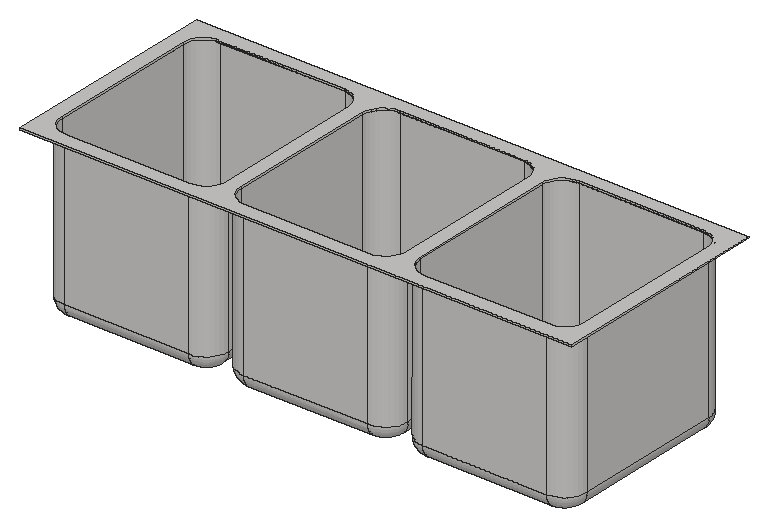
Revit family "QF_Vollrath_12123-1", category Specialty Equipment, Revit 2016
Family settings
  Part Type = Normal
  Round Connector Dimension = Use Diameter
  OmniClass Number = 23.40.40.14.31
  OmniClass Title = Cleaning and Disposal Equipment
  Work Plane-Based = Yes
  Always vertical = Yes
  Cut with Voids When Loaded = No
  Shared = No
  Room Calculation Point = No
Parameters
  Width = 3' - 4"
  Weight in Pounds = 0
  Watermarked By = "http://revitwatermark.com"
  URL Cutsheet = ""
  Status [instance] = ""
  Specification by User [instance] = ""
  Specification by Manufacturer [instance] = ""
  Sink Width = 3' - 2"
  Sink Depth = 1' - 2"
  Sink Basin Depth = 1' - 0"
  Serial Number [instance] = ""
  Seismic Rating [instance] = ""
  SMACNA No [instance] = ""
  Revision Code [instance] = ""
  NAFEM Spec ID Number [instance] = ""
  Model = "12123-1"
  Masterspec [instance] = ""
  Manufacturer = "Vollrath"
  Item Number [instance] = "-"
  Installed By [instance] = ""
  Indirect Waste Size = 2"
  Indirect Waste Flow [instance] = 0.00 GPM
  Indirect Waste Connection Type [instance] = ""
  Indirect Waste Connection Height [instance] = 0' - 0"
  Furnished By [instance] = ""
  Foodservice Equipment Identifier [instance] = yes
  Description = "Undermount Sink"  # constant formula
  Depth = 1' - 4"
  Default Elevation = 4' - 0"
  CSI MasterFormat = ""
  Assembly Code = ""
Reference planes (in)
  plane 1 "BACK": y = 0
  plane 2 "BOTTOM": z = 0
  plane 3 "LEFT": x = 0
  plane 4 "RIGHT": x = 40
  plane 5 "FRONT": y = -16
  plane 6: x = 20
  plane 7: y = -8
  plane 8: y = -1
  plane 9: y = -15
  plane 10: x = 1
  plane 11: x = 39
  plane 12 "Sink Bottom": z = -12
  plane 13: x = 7
  plane 14: x = 33
  plane 15: x = 13
  plane 16: x = 14
  plane 17: x = 27
  plane 18: x = 26
  plane 19: y = -5.6875
Forms (in)
  Extrusion 1, solid, material "QF_Finishes_Stainless Steel"
    sketch origin (0, 0, 0) x (1, 0, 0) y (0, 1, 0)
      loop
        arc (1, -13.5) -> (1.43934, -14.56066) -> (2.5, -15) r 1.5
        line (2.5, -15) -> (11.5, -15)
        arc (11.5, -15) -> (12.56066, -14.56066) -> (13, -13.5) r 1.5
        line (13, -13.5) -> (13, -2.5)
        arc (13, -2.5) -> (12.56066, -1.43934) -> (11.5, -1) r 1.5
        line (11.5, -1) -> (2.5, -1)
        arc (2.5, -1) -> (1.43934, -1.43934) -> (1, -2.5) r 1.5
        line (1, -2.5) -> (1, -13.5)
      loop
        arc (39, -2.5) -> (38.56066, -1.43934) -> (37.5, -1) r 1.5
        line (37.5, -1) -> (28.5, -1)
        arc (28.5, -1) -> (27.43934, -1.43934) -> (27, -2.5) r 1.5
        line (27, -2.5) -> (27, -13.5)
        arc (27, -13.5) -> (27.43934, -14.56066) -> (28.5, -15) r 1.5
        line (28.5, -15) -> (37.5, -15)
        arc (37.5, -15) -> (38.56066, -14.56066) -> (39, -13.5) r 1.5
        line (39, -13.5) -> (39, -2.5)
      loop
        line (0, -16) -> (40, -16) -> (40, 0) -> (0, 0) -> (0, -16)
      loop
        arc (26, -2.5) -> (25.56066, -1.43934) -> (24.5, -1) r 1.5
        line (24.5, -1) -> (15.5, -1)
        arc (15.5, -1) -> (14.43934, -1.43934) -> (14, -2.5) r 1.5
        line (14, -2.5) -> (14, -13.5)
        arc (14, -13.5) -> (14.43934, -14.56066) -> (15.5, -15) r 1.5
        line (15.5, -15) -> (24.5, -15)
        arc (24.5, -15) -> (25.56066, -14.56066) -> (26, -13.5) r 1.5
        line (26, -13.5) -> (26, -2.5)
    from 0 to 0.125
  Sweep 2, solid, material "QF_Finishes_Stainless Steel"
    path in 3D
      loop
        arc (11.5, -1, 0.125) -> (12.56066, -1.43934, 0.125) -> (13, -2.5, 0.125) r 1.5
        line (13, -2.5, 0.125) -> (13, -13.5, 0.125)
        arc (13, -13.5, 0.125) -> (12.56066, -14.56066, 0.125) -> (11.5, -15, 0.125) r 1.5
        line (11.5, -15, 0.125) -> (2.5, -15, 0.125)
        arc (2.5, -15, 0.125) -> (1.43934, -14.56066, 0.125) -> (1, -13.5, 0.125) r 1.5
        line (1, -13.5, 0.125) -> (1, -2.5, 0.125)
        arc (1, -2.5, 0.125) -> (1.43934, -1.43934, 0.125) -> (2.5, -1, 0.125) r 1.5
        line (2.5, -1, 0.125) -> (11.5, -1, 0.125)
    profile origin (7, -1, 0.125) x (0, 1, 0) y (0, 0, 1)
      loop
        line (0.125, -0.125) -> (0, -0.125) -> (0, -11)
        arc (0, -11) -> (-0.29289, -11.70711) -> (-1, -12) r 1
        line (-1, -12) -> (-1, -12.125)
        arc (-1, -12.125) -> (-0.2045, -11.7955) -> (0.125, -11) r 1.125
        line (0.125, -11) -> (0.125, -0.125)
  Sweep 3, solid, material "QF_Finishes_Stainless Steel"
    path in 3D
      loop
        arc (24.5, -1, 0.125) -> (25.56066, -1.43934, 0.125) -> (26, -2.5, 0.125) r 1.5
        line (26, -2.5, 0.125) -> (26, -13.5, 0.125)
        arc (26, -13.5, 0.125) -> (25.56066, -14.56066, 0.125) -> (24.5, -15, 0.125) r 1.5
        line (24.5, -15, 0.125) -> (15.5, -15, 0.125)
        arc (15.5, -15, 0.125) -> (14.43934, -14.56066, 0.125) -> (14, -13.5, 0.125) r 1.5
        line (14, -13.5, 0.125) -> (14, -2.5, 0.125)
        arc (14, -2.5, 0.125) -> (14.43934, -1.43934, 0.125) -> (15.5, -1, 0.125) r 1.5
        line (15.5, -1, 0.125) -> (24.5, -1, 0.125)
    profile origin (20, -1, 0.125) x (0, 1, 0) y (0, 0, 1)
      loop
        line (0.125, -0.125) -> (0, -0.125) -> (0, -11)
        arc (0, -11) -> (-0.29289, -11.70711) -> (-1, -12) r 1
        line (-1, -12) -> (-1, -12.125)
        arc (-1, -12.125) -> (-0.2045, -11.7955) -> (0.125, -11) r 1.125
        line (0.125, -11) -> (0.125, -0.125)
  Sweep 4, solid, material "QF_Finishes_Stainless Steel"
    path in 3D
      loop
        arc (37.5, -1, 0.125) -> (38.56066, -1.43934, 0.125) -> (39, -2.5, 0.125) r 1.5
        line (39, -2.5, 0.125) -> (39, -13.5, 0.125)
        arc (39, -13.5, 0.125) -> (38.56066, -14.56066, 0.125) -> (37.5, -15, 0.125) r 1.5
        line (37.5, -15, 0.125) -> (28.5, -15, 0.125)
        arc (28.5, -15, 0.125) -> (27.43934, -14.56066, 0.125) -> (27, -13.5, 0.125) r 1.5
        line (27, -13.5, 0.125) -> (27, -2.5, 0.125)
        arc (27, -2.5, 0.125) -> (27.43934, -1.43934, 0.125) -> (28.5, -1, 0.125) r 1.5
        line (28.5, -1, 0.125) -> (37.5, -1, 0.125)
    profile origin (33, -1, 0.125) x (0, 1, 0) y (0, 0, 1)
      loop
        line (0.125, -0.125) -> (0, -0.125) -> (0, -11)
        arc (0, -11) -> (-0.29289, -11.70711) -> (-1, -12) r 1
        line (-1, -12) -> (-1, -12.125)
        arc (-1, -12.125) -> (-0.2045, -11.7955) -> (0.125, -11) r 1.125
        line (0.125, -11) -> (0.125, -0.125)
  Extrusion 5, solid, material "QF_Finishes_Stainless Steel"
    sketch origin (0, 0, -12) x (-1, 0, 0) y (0, -1, 0)
      loop
        line (-2.5, 14) -> (-11.5, 14)
        arc (-11.5, 14) -> (-11.85355, 13.85355) -> (-12, 13.5) r 0.5
        line (-12, 13.5) -> (-12, 2.5)
        arc (-12, 2.5) -> (-11.85355, 2.14645) -> (-11.5, 2) r 0.5
        line (-11.5, 2) -> (-2.5, 2)
        arc (-2.5, 2) -> (-2.14645, 2.14645) -> (-2, 2.5) r 0.5
        line (-2, 2.5) -> (-2, 13.5)
        arc (-2, 13.5) -> (-2.14645, 13.85355) -> (-2.5, 14) r 0.5
      loop
        line (-15, 2.5) -> (-15, 13.5)
        arc (-15, 13.5) -> (-15.14645, 13.85355) -> (-15.5, 14) r 0.5
        line (-15.5, 14) -> (-24.5, 14)
        arc (-24.5, 14) -> (-24.85355, 13.85355) -> (-25, 13.5) r 0.5
        line (-25, 13.5) -> (-25, 2.5)
        arc (-25, 2.5) -> (-24.85355, 2.14645) -> (-24.5, 2) r 0.5
        line (-24.5, 2) -> (-15.5, 2)
        arc (-15.5, 2) -> (-15.14645, 2.14645) -> (-15, 2.5) r 0.5
      loop
        line (-28, 2.5) -> (-28, 13.5)
        arc (-28, 13.5) -> (-28.14645, 13.85355) -> (-28.5, 14) r 0.5
        line (-28.5, 14) -> (-37.5, 14)
        arc (-37.5, 14) -> (-37.85355, 13.85355) -> (-38, 13.5) r 0.5
        line (-38, 13.5) -> (-38, 2.5)
        arc (-38, 2.5) -> (-37.85355, 2.14645) -> (-37.5, 2) r 0.5
        line (-37.5, 2) -> (-28.5, 2)
        arc (-28.5, 2) -> (-28.14645, 2.14645) -> (-28, 2.5) r 0.5
      loop
        circle (-33, 5.6875) r 1.75
      loop
        circle (-20, 5.6875) r 1.75
      loop
        circle (-7, 5.6875) r 1.75
    from 0 to 0.125
Lines and regions (in)
  sketch lines
    curve 1: line (2.5, -1, 0.125) -> (11.5, -1, 0.125)
    curve 2: arc (2.5, -1, 0.125) -> (1.43934, -1.43934, 0.125) -> (1, -2.5, 0.125) r 1.5
    curve 3: line (1, -13.5, 0.125) -> (1, -2.5, 0.125)
    curve 4: arc (1, -13.5, 0.125) -> (1.43934, -14.56066, 0.125) -> (2.5, -15, 0.125) r 1.5
    curve 5: line (11.5, -15, 0.125) -> (2.5, -15, 0.125)
    curve 6: arc (11.5, -15, 0.125) -> (12.56066, -14.56066, 0.125) -> (13, -13.5, 0.125) r 1.5
    curve 7: line (13, -2.5, 0.125) -> (13, -13.5, 0.125)
    curve 8: arc (13, -2.5, 0.125) -> (12.56066, -1.43934, 0.125) -> (11.5, -1, 0.125) r 1.5
    curve 9: line (15.5, -1, 0.125) -> (24.5, -1, 0.125)
    curve 10: arc (15.5, -1, 0.125) -> (14.43934, -1.43934, 0.125) -> (14, -2.5, 0.125) r 1.5
    curve 11: line (14, -13.5, 0.125) -> (14, -2.5, 0.125)
    curve 12: arc (14, -13.5, 0.125) -> (14.43934, -14.56066, 0.125) -> (15.5, -15, 0.125) r 1.5
    curve 13: line (24.5, -15, 0.125) -> (15.5, -15, 0.125)
    curve 14: arc (24.5, -15, 0.125) -> (25.56066, -14.56066, 0.125) -> (26, -13.5, 0.125) r 1.5
    curve 15: line (26, -2.5, 0.125) -> (26, -13.5, 0.125)
    curve 16: arc (26, -2.5, 0.125) -> (25.56066, -1.43934, 0.125) -> (24.5, -1, 0.125) r 1.5
    curve 17: line (28.5, -1, 0.125) -> (37.5, -1, 0.125)
    curve 18: arc (28.5, -1, 0.125) -> (27.43934, -1.43934, 0.125) -> (27, -2.5, 0.125) r 1.5
    curve 19: line (27, -13.5, 0.125) -> (27, -2.5, 0.125)
    curve 20: arc (27, -13.5, 0.125) -> (27.43934, -14.56066, 0.125) -> (28.5, -15, 0.125) r 1.5
    curve 21: line (37.5, -15, 0.125) -> (28.5, -15, 0.125)
    curve 22: arc (37.5, -15, 0.125) -> (38.56066, -14.56066, 0.125) -> (39, -13.5, 0.125) r 1.5
    curve 23: line (39, -2.5, 0.125) -> (39, -13.5, 0.125)
    curve 24: arc (39, -2.5, 0.125) -> (38.56066, -1.43934, 0.125) -> (37.5, -1, 0.125) r 1.5
  symbolic lines
    curve 25: line (0, 0, -12) -> (40, 0, -12)
    curve 26: line (0, -16, -12) -> (0, 0, -12)
    curve 27: line (40, -16, -12) -> (0, -16, -12)
    curve 28: line (40, 0, -12) -> (40, -16, -12)
  symbolic lines, style "QF_Surface Details"
    curve 29: circle (7, -5.6875, -12) r 1.75 normal (0, 0, -1)
    curve 30: circle (20, -5.6875, -12) r 1.75 normal (0, 0, -1)
    curve 31: circle (33, -5.6875, -12) r 1.75 normal (0, 0, -1)
    curve 32: line (11.5, -1, -12) -> (2.5, -1, -12)
    curve 33: arc (1, -2.5, -12) -> (1.43934, -1.43934, -12) -> (2.5, -1, -12) r 1.5
    curve 34: line (1, -2.5, -12) -> (1, -13.5, -12)
    curve 35: arc (2.5, -15, -12) -> (1.43934, -14.56066, -12) -> (1, -13.5, -12) r 1.5
    curve 36: line (2.5, -15, -12) -> (11.5, -15, -12)
    curve 37: arc (13, -13.5, -12) -> (12.56066, -14.56066, -12) -> (11.5, -15, -12) r 1.5
    curve 38: line (13, -13.5, -12) -> (13, -2.5, -12)
    curve 39: arc (11.5, -1, -12) -> (12.56066, -1.43934, -12) -> (13, -2.5, -12) r 1.5
    curve 40: arc (14, -2.5, -12) -> (14.43934, -1.43934, -12) -> (15.5, -1, -12) r 1.5
    curve 41: line (24.5, -1, -12) -> (15.5, -1, -12)
    curve 42: line (14, -2.5, -12) -> (14, -13.5, -12)
    curve 43: arc (15.5, -15, -12) -> (14.43934, -14.56066, -12) -> (14, -13.5, -12) r 1.5
    curve 44: line (15.5, -15, -12) -> (24.5, -15, -12)
    curve 45: arc (26, -13.5, -12) -> (25.56066, -14.56066, -12) -> (24.5, -15, -12) r 1.5
    curve 46: line (26, -13.5, -12) -> (26, -2.5, -12)
    curve 47: arc (24.5, -1, -12) -> (25.56066, -1.43934, -12) -> (26, -2.5, -12) r 1.5
    curve 48: arc (27, -2.5, -12) -> (27.43934, -1.43934, -12) -> (28.5, -1, -12) r 1.5
    curve 49: line (37.5, -1, -12) -> (28.5, -1, -12)
    curve 50: line (27, -2.5, -12) -> (27, -13.5, -12)
    curve 51: arc (39, -13.5, -12) -> (38.56066, -14.56066, -12) -> (37.5, -15, -12) r 1.5
    curve 52: line (28.5, -15, -12) -> (37.5, -15, -12)
    curve 53: line (39, -13.5, -12) -> (39, -2.5, -12)
    curve 54: arc (28.5, -15, -12) -> (27.43934, -14.56066, -12) -> (27, -13.5, -12) r 1.5
    curve 55: arc (37.5, -1, -12) -> (38.56066, -1.43934, -12) -> (39, -2.5, -12) r 1.5
Dimensions and locks (in)
  "Width": plane 3 "LEFT" to plane 4 "RIGHT"
  "Depth": plane 5 "FRONT" to plane 1 "BACK"
  "Sink Depth": plane 8 to plane 9
  equal spacing: plane 3 "LEFT", plane 6, plane 4 "RIGHT"
  equal spacing: plane 10, plane 6, plane 11
  "Sink Width": plane 10 to plane 11
  "Sink Basin Depth": level to plane 12 "Sink Bottom"
  equal spacing: plane 8, plane 7, plane 9
  plane 1 "BACK" to plane 8 = 0' - 1"
  plane 9 to plane 5 "FRONT" = 0' - 1"
  locked: plane 3 "LEFT" to plane 10 at 1
  plane 11 to plane 4 "RIGHT" = 0' - 1"
  equal spacing: plane 10, plane 13, plane 15
  equal spacing: plane 17, plane 14, plane 11
  equal spacing: plane 16, plane 6, plane 18
  plane 15 to plane 16 = 0' - 1"
  plane 18 to plane 17 = 0' - 1"
  plane 8 to plane 19 = 0' - 4 11/16"
  aligned and locked: level to plane 2 "BOTTOM"
  aligned and locked: Extrusion 1 sketch curve to plane 3 "LEFT"
  aligned and locked: plane 5 "FRONT" to Extrusion 1 sketch curve
  aligned and locked: plane 4 "RIGHT" to Extrusion 1 sketch curve
  aligned and locked: Extrusion 1 sketch curve to plane 1 "BACK"
  aligned and locked: Extrusion 5 sketch curve to Sweep 2  (x4)
  aligned and locked: Extrusion 5 sketch curve to Sweep 3  (x4)
  aligned and locked: Extrusion 5 sketch curve to Sweep 4  (x4)
Automatic sketch dimensions
  Extrusion 1 sketch curve to plane 9 = 0' - 0"  (x3)
  Extrusion 1 sketch curve to plane 8 = 0' - 0"  (x3)
  Extrusion 1 sketch curve to Extrusion 1 sketch curve = 0' - 1 1/2"  (x5)
  plane 10 to Extrusion 1 sketch curve = 0' - 1 1/2"
  Extrusion 1 sketch curve to plane 6 = 0' - 8 1/2"  (x2)
  Extrusion 1 sketch curve to Extrusion 1 sketch curve = 0' - 1"  (x2)
  plane 6 to Extrusion 1 sketch curve = 0' - 4 1/2"  (x2)
  plane 9 to Extrusion 1 sketch curve = 0' - 1 1/2"
  Extrusion 1 sketch curve to plane 8 = 0' - 1 1/2"
  Extrusion 1 sketch curve to plane 11 = 0' - 1 1/2"  (x2)
  Extrusion 1 sketch curve to plane 10 = 0' - 0"
  Extrusion 1 sketch curve to plane 11 = 0' - 0"
  Sweep 2 sketch curve to Sweep 2 sketch curve = 0' - 0"  (x2)
  Sweep 2 sketch curve to profile plane = 0' - 0"
  profile plane to Sweep 2 sketch curve = 0' - 1"
  Sweep 2 sketch curve to Sweep 2 sketch curve = 0' - 0 1/8"
  Sweep 2 sketch curve to profile plane = 0' - 0 1/8"
  Sweep 2 sketch curve to Sweep 2 sketch curve = 0' - 10 7/8"
  Sweep 3 sketch curve to Sweep 3 sketch curve = 0' - 0"
  Sweep 3 sketch curve to profile plane = 0' - 0"
  profile plane to Sweep 3 sketch curve = 0' - 1"
  Sweep 3 sketch curve to Sweep 3 sketch curve = 0' - 0 1/8"
  Sweep 3 sketch curve to profile plane = 1' - 0 1/8"
  Sweep 3 sketch curve to profile plane = 0' - 0 1/8"
  Sweep 4 sketch curve to Sweep 4 sketch curve = 0' - 0"
  Sweep 4 sketch curve to profile plane = 0' - 0"
  profile plane to Sweep 4 sketch curve = 0' - 1"
  Sweep 4 sketch curve to Sweep 4 sketch curve = 0' - 0 1/8"
  Sweep 4 sketch curve to profile plane = 1' - 0 1/8"
  Sweep 4 sketch curve to profile plane = 0' - 0 1/8"
  plane 7 to Extrusion 5 sketch curve = 0' - 2 5/16"  (x3)
  Extrusion 5 sketch curve to plane 14 = 0' - 0"
  Extrusion 5 sketch curve to plane 6 = 0' - 0"
  Extrusion 5 sketch curve to plane 13 = 0' - 0"
  Extrusion 5 sketch curve to Extrusion 5 sketch curve = 0' - 0 1/2"  (x12)
  plane 1 "BACK" to curve 25 = 0' - 0"
  curve 25 to plane 4 "RIGHT" = 0' - 0"
  curve 31 to plane 14 = 0' - 0"
  curve 30 to plane 6 = 0' - 0"
  curve 29 to plane 13 = 0' - 0"
  curve 26 to plane 3 "LEFT" = 0' - 0"
  curve 31 to plane 19 = 0' - 0"
  curve 29 to plane 19 = 0' - 0"
  curve 30 to plane 19 = 0' - 0"
  plane 5 "FRONT" to curve 27 = 0' - 0"
  curve 32 to plane 8 = 0' - 0"
  curve 33 to plane 10 = 0' - 0"
  curve 33 to plane 8 = 0' - 1 1/2"
  plane 9 to curve 34 = 0' - 1 1/2"
  curve 35 to plane 9 = 0' - 0"
  curve 36 to plane 15 = 0' - 1 1/2"
  curve 37 to plane 15 = 0' - 0"
  curve 38 to plane 8 = 0' - 1 1/2"
  curve 41 to plane 8 = 0' - 0"
  curve 40 to plane 16 = 0' - 0"
  plane 16 to curve 40 = 0' - 1 1/2"
  curve 37 to curve 42 = 0' - 0"
  curve 43 to plane 9 = 0' - 0"
  curve 45 to plane 18 = 0' - 0"
  curve 46 to plane 8 = 0' - 1 1/2"
  curve 49 to plane 8 = 0' - 0"
  curve 48 to plane 17 = 0' - 0"
  plane 17 to curve 49 = 0' - 1 1/2"
  curve 45 to curve 50 = 0' - 0"
  curve 51 to plane 11 = 0' - 0"
  curve 51 to plane 9 = 0' - 0"
  curve 51 to plane 11 = 0' - 1 1/2"
  plane 17 to curve 52 = 0' - 1 1/2"
  curve 53 to plane 8 = 0' - 1 1/2"
  radius of Extrusion 5 sketch curve = 0' - 1 3/4"  (x3)
  radius of curve 29 = 0' - 1 3/4"
  radius of curve 30 = 0' - 1 3/4"
  radius of curve 31 = 0' - 1 3/4"
Connectors (in)
  piping at (7, -5.6875, -12), diameter 2, driven by "Indirect Waste Flow"
    settings: on Extrusion 5, index 1, connector inside diameter 2", connector length 0' - 0", flow factor 0, pipe flow 0.00 GPM, pressure drop 0.00 psi, fitting loss kfactor 0, connector angle 0.00°, fixture units 0, engagement length 0' - 0", angle of deflection 0.00°, flow configuration 1, flow direction 2, fitting loss method 0, system type 16, joint type 0, gender type 0, connector reference index -1, connector utility 0, adjustable connector no, is connector primary yes, connector description "IW"
  piping at (20, -5.6875, -12), diameter 2, driven by "Indirect Waste Flow"
    settings: on Extrusion 5, index 2, connector inside diameter 2", connector length 0' - 0", flow factor 0, pipe flow 0.00 GPM, pressure drop 0.00 psi, fitting loss kfactor 0, connector angle 0.00°, fixture units 0, engagement length 0' - 0", angle of deflection 0.00°, flow configuration 1, flow direction 2, fitting loss method 0, system type 16, joint type 0, gender type 0, connector reference index -1, connector utility 0, adjustable connector no, is connector primary no, connector description "IW"
  piping at (33, -5.6875, -12), diameter 2, driven by "Indirect Waste Flow"
    settings: on Extrusion 5, index 3, connector inside diameter 2", connector length 0' - 0", flow factor 0, pipe flow 0.00 GPM, pressure drop 0.00 psi, fitting loss kfactor 0, connector angle 0.00°, fixture units 0, engagement length 0' - 0", angle of deflection 0.00°, flow configuration 1, flow direction 2, fitting loss method 0, system type 16, joint type 0, gender type 0, connector reference index -1, connector utility 0, adjustable connector no, is connector primary no, connector description "IW"
